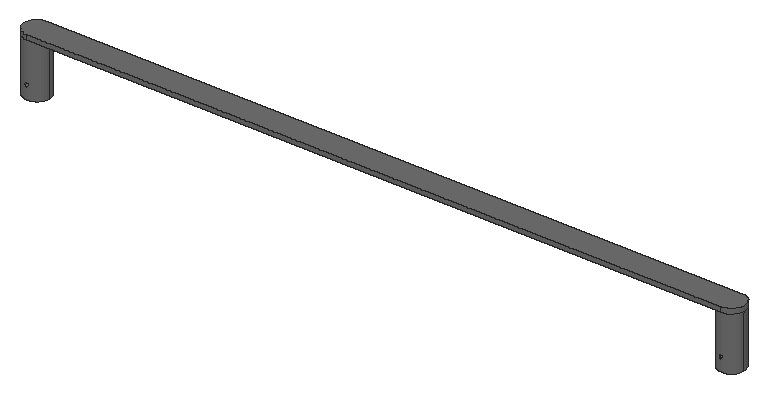
Revit family "4-ALMA-STRCode-Ascari 800 Single Towel Rail-Finish", category Specialty Equipment, host Face, Revit 2022
Family settings
  Host = Face
  Round Connector Dimension = Use Diameter
  Part Type = Normal
  Cut with Voids When Loaded = No
  Maintain Annotation Orientation = No
  Shared = No
  Room Calculation Point = No
Parameters (values of type "MATTE BLACK")
  URL = "https://www.buildmat.com.au/products/ascari-matte-black-800-single-towel-rail"
  Model = "STRBK800"
  Material = _BM_MATTE BLACK
  Manufacturer = "BUILDMAT"
  Default Elevation = 1219.2 mm
  Cost = 139
Types (4, lengths in mm): name | URL | Model | Material | Cost
  BRUSHED BRASS GOLD | "https://www.buildmat.com.au/products/ascari-brushed-brass-gold-800-single-towel-rail" | "STBGD800" | _BM_BRUSHED BRASS GOLD | 179
  BRUSHED GUNMETAL | "https://www.buildmat.com.au/products/ascari-brushed-gunmetal-800-single-towel-rail" | "STRGM800" | _BM_BRUSHED GUNMETAL | 179
  BRUSHED NICKEL | "https://www.buildmat.com.au/products/ascari-brushed-nickel-800-single-towel-rail" | "STRBN800" | _BM_BRUSHED NICKEL | 179
  MATTE BLACK | "https://www.buildmat.com.au/products/ascari-matte-black-800-single-towel-rail" | "STRBK800" | _BM_MATTE BLACK | 139
Reference planes
  plane 1 "Centro (Elevation)": y = 0
  plane 2 "Back": z = 0
  plane 3 "Centro (Izquierda/Derecha)": x = 0
  plane 4 "Top": y = 14.5
  plane 5 "Bottom": y = -14.5
  plane 6: x = -385.5
  plane 7: x = 385.5
  plane 8 "Left": x = -400
  plane 9 "Right": x = 400
  plane 10 "Front": z = 65
  plane 11: z = 60
Forms (mm)
  Extrusion 1, solid, material "_BM_MATTE BLACK" <- "Material"
    sketch origin (0, 0, 65) x (1, 0, 0) y (0, 1, 0)
      loop
        arc (-385.5, 14.5) -> (-400, 0) -> (-385.5, -14.5) r 14.5
        line (-385.5, -14.5) -> (385.5, -14.5)
        arc (385.5, -14.5) -> (400, 0) -> (385.5, 14.5) r 14.5
        line (385.5, 14.5) -> (-385.5, 14.5)
    from 0 to -5
  Extrusion 2, solid, material "_BM_MATTE BLACK" <- "Material"
    sketch origin (0, 0, 0) x (1, 0, 0) y (0, 1, 0)
      loop
        circle (-385.5, 0) r 14
    from 0 to 60
  Extrusion 3, solid, material "_BM_MATTE BLACK" <- "Material"
    sketch origin (0, 0, 0) x (1, 0, 0) y (0, 1, 0)
      loop
        circle (385.5, 0) r 14
    from 0 to 60
  Extrusion 4, void
    sketch origin (0, 0, 0) x (1, 0, 0) y (0, 0, 1)
      loop
        circle (-385.5, 15) r 2
      loop
        circle (385.5, 15) r 2
    from -14.5 to 14.5
Cuts and joins
  Extrusion 4 cuts Extrusion 1
  Extrusion 4 cuts Extrusion 2
  Extrusion 4 cuts Extrusion 3
  joined: Extrusion 1, Extrusion 2, Extrusion 3
Lines and regions (mm)
  symbolic lines, style "SpecialityEquipmentHiddenLines", detail levels medium+fine
    curve 1: circle (-385.5, 0, 0) r 14 normal (0, 0, 1)
    curve 2: circle (385.5, 0, 0) r 14 normal (0, 0, 1)
Dimensions and locks
  equal spacing: plane 4 "Top", plane 1 "Centro (Elevation)", plane 5 "Bottom"
  plane 4 "Top" to plane 5 "Bottom" = 29 mm
  equal spacing: plane 6, plane 3 "Centro (Izquierda/Derecha)", plane 7
  plane 6 to plane 7 = 771 mm
  equal spacing: plane 8 "Left", plane 3 "Centro (Izquierda/Derecha)", plane 9 "Right"
  plane 8 "Left" to plane 9 "Right" = 800 mm
  plane 2 "Back" to plane 10 "Front" = 65 mm
  plane 11 to plane 10 "Front" = 5 mm
  aligned and locked: plane 2 "Back" to host face
  aligned and locked: level to host face
  aligned and locked: plane 10 "Front" to Extrusion 1
  aligned and locked: plane 11 to Extrusion 1
  aligned and locked: Extrusion 2 to plane 2 "Back"
  aligned and locked: Extrusion 3 to plane 2 "Back"
  aligned and locked: Extrusion 3 to plane 11
  aligned and locked: Extrusion 2 to plane 11
  aligned and locked: plane 4 "Top" to Extrusion 4
  aligned and locked: Extrusion 4 to plane 5 "Bottom"
Automatic sketch dimensions
  host sketch curve to host sketch curve = 2438.4 mm  (x2)
  plane 1 "Centro (Elevation)" to Extrusion 2 sketch curve = 0 mm
  Extrusion 2 sketch curve to plane 6 = 0 mm
  plane 1 "Centro (Elevation)" to Extrusion 3 sketch curve = 0 mm
  Extrusion 3 sketch curve to plane 7 = 0 mm
  level to Extrusion 4 sketch curve = 15 mm  (x2)
  Extrusion 4 sketch curve to plane 6 = 0 mm
  Extrusion 4 sketch curve to plane 7 = 0 mm
  plane 1 "Centro (Elevation)" to Extrusion 1 sketch curve = 0 mm
  Extrusion 1 sketch curve to plane 6 = 0 mm
  Extrusion 1 sketch curve to plane 4 "Top" = 0 mm
  Extrusion 1 sketch curve to plane 7 = 0 mm
  plane 1 "Centro (Elevation)" to curve 1 = 0 mm
  curve 1 to plane 6 = 0 mm
  plane 1 "Centro (Elevation)" to curve 2 = 0 mm
  curve 2 to plane 7 = 0 mm
  radius of Extrusion 2 sketch curve = 14 mm
  radius of Extrusion 3 sketch curve = 14 mm
  radius of Extrusion 4 sketch curve = 2 mm  (x2)
  radius of curve 1 = 14 mm
  radius of curve 2 = 14 mm
